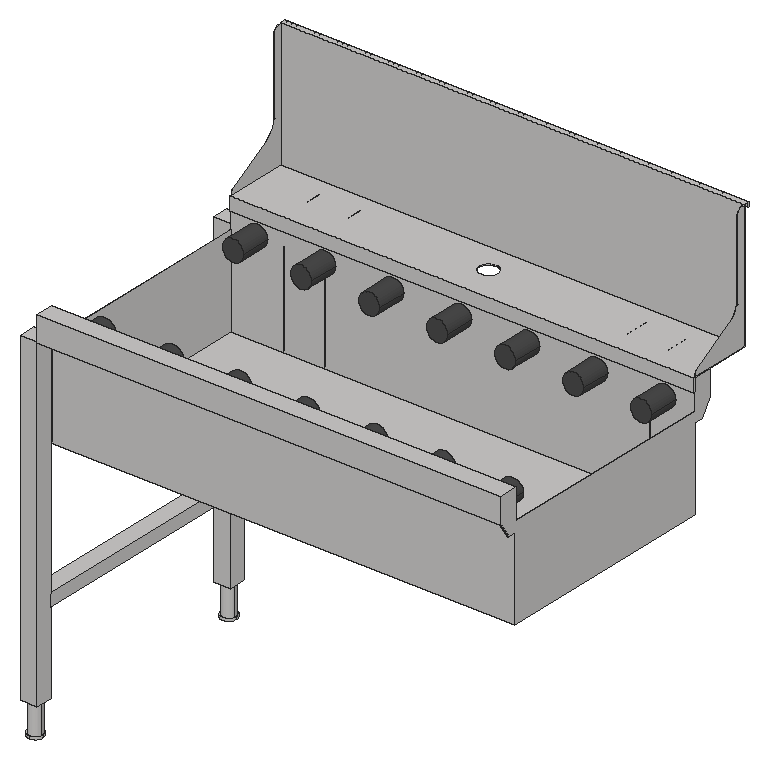
Revit family "QF_ELECTROLUXPROFESSIONAL_865214_HSSRDB11SB", category Specialty Equipment, Revit 2018
Family settings
  Round Connector Dimension = Use Diameter
  Part Type = Normal
  Work Plane-Based = No
  Always vertical = Yes
  Cut with Voids When Loaded = No
  Shared = No
  Room Calculation Point = No
Parameters
  Weight = 0.00 kg
  Watts = 0 W
  Volts = 0 V
  URL Manufacturer = "http://professional.electrolux.com/"
  URL = "http://professional.electrolux.com/"
  Steam Supply Size = 0 mm
  Steam Supply Minimum Pressure = 0.0 Pa
  Steam Supply Maximum Pressure = 0.0 Pa
  Steam Pounds per Hour = 0
  Refrigeration Suction Line Size = 0 mm
  Refrigeration Liquid Line Size = 0 mm
  Refrigerant Compressor Remote = yes
  Manufacturer = "Electrolux"
  Phase = 0
  Model = "HSSRDB11SB"
  Length Actual = 1100 mm  # constant formula
  Item Number = "865214"
  Hot Water Size = 0 mm
  Height Actual = 1213 mm  # constant formula
  HP = "0 HP"
  Gas Size = 0 mm
  Gas KW = 0
  Gas Input Pressure = 0 W
  Description = "SHORT ROLLER CONVEYOR WITH DEEP BASIN + SPLASHB., L=1100MM"
  Depth Actual = 735 mm  # constant formula
  Cycle = 0 Hz
  Condensate Return Size = 0 mm
  Compressed Air Volume = 0.0 L/s
  Compressed Air Size = 0 mm
  Compressed Air Pressure = 0.0 Pa
  Cold Water Size = 0 mm
  Accessory = yes
Reference planes
  plane 1 "Centro (Fronte/Retro)": y = 74.737
  plane 2: z = 0
  plane 3 "LEFT": x = -1038.761
  plane 4 "BACK": y = 499.737
  plane 5 "FRONT": y = -235.263
  plane 6: z = 910
  plane 7 "RIGHT": x = 61.239
Forms (mm)
  Extrusion 1, solid, material "QF_Finishes_Stainless Steel"
    sketch origin (0, 74.737, 0) x (1, 0, 0) y (0, 0, 1)
      loop
        line (-1079.929, 300) -> (-1079.929, 270) -> (-1039.929, 270) -> (-1039.929, 300) -> (-1079.929, 300)
    from -266.504 to 266.46
  Extrusion 2, solid, material "QF_Finishes_Stainless Steel"
    sketch origin (11.239, 0, 0) x (0, 1, 0) y (0, 0, 1)
      loop
        line (-235.263, 910) -> (-235.263, 850.033) -> (-190.242, 850.033) -> (-190.242, 910) -> (-235.263, 910)
      loop
        line (384.737, 910) -> (339.716, 910) -> (339.716, 850.033) -> (384.737, 850.033) -> (384.737, 910)
    from -1048.8 to 48.8
  Extrusion 3, solid, material "QF_Finishes_Stainless Steel"
    sketch origin (11.239, 0, 0) x (0, 1, 0) y (0, 0, 1)
      loop
        line (-191.727, 850.033) -> (-191.727, 618.033) -> (341.245, 618.033) -> (341.245, 850.033) -> (339.716, 850.033) -> (339.716, 621.033) -> (-190.242, 621.033) -> (-190.242, 850.033) -> (-191.727, 850.033)
    from -1048.8 to 50
  Extrusion 4, solid, material "QF_Finishes_Stainless Steel"
    sketch origin (1061.239, 723.253, 4000) x (0, 1, 0) y (0, 0, 1)
      loop
        line (-958.516, -3090) -> (-958.516, -3149.967) -> (-934.752, -3185.632) -> (-914.981, -3185.632) -> (-914.981, -3381.967) -> (-382.009, -3381.967) -> (-382.009, -3185.632) -> (-362.281, -3185.632) -> (-338.516, -3149.967) -> (-338.516, -3090) -> (-383.538, -3090) -> (-383.538, -3161.926) -> (-913.495, -3161.926) -> (-913.495, -3090) -> (-958.516, -3090)
    from -1000 to -1001.2
  Revolve 5, solid, material "QF_Finishes_Stainless Steel"
    sketch origin (-488.761, 0, 0) x (0, 1, 0) y (0, 0, 1)
      loop
        line (74.737, 618.033) -> (-1.756, 618.033) -> (-1.756, 601.823) -> (0.354, 601.823)
        arc (0.354, 601.823) -> (3.64, 597.973) -> (0.351, 594.125) r 3.897
        line (0.351, 594.125) -> (-1.756, 594.125) -> (-1.756, 551.31)
        arc (-1.756, 551.31) -> (8.91, 520.632) -> (36.296, 503.17) r 49.497
        line (36.296, 503.17) -> (36.296, 500.684) -> (37.487, 497.398) -> (51.25, 491.407) -> (51.25, 455.535) -> (52.727, 454.059) -> (74.737, 454.059) -> (74.737, 618.033)
      axis (74.737, 454.059) -> (74.737, 618.033)
    angle from 0 to 360
  Extrusion 6, solid, material "QF_Finishes_Stainless Steel"
    sketch origin (-537.561, 723.253, 4000) x (0, 1, 0) y (0, 0, 1)
      loop
        line (-958.516, -3090) -> (-958.516, -3149.967) -> (-914.981, -3149.967) -> (-914.981, -3381.967) -> (-382.009, -3381.967) -> (-382.009, -3149.967) -> (-338.516, -3149.967) -> (-338.516, -3090) -> (-383.538, -3090) -> (-383.538, -3161.926) -> (-913.495, -3161.926) -> (-913.495, -3090) -> (-958.516, -3090)
    from -500 to -501.2
  Extrusion 7, solid, material "QF_Finishes_Black"
    sketch origin (0, 74.737, 0) x (1, 0, 0) y (0, 0, -1)
      loop
        circle (-972.513, -850.115) r 25
      loop
        circle (-811.227, -850.115) r 25
      loop
        circle (-649.994, -850.115) r 25
      loop
        circle (-488.761, -850.115) r 25
      loop
        circle (-327.475, -850.115) r 25
      loop
        circle (-166.242, -850.115) r 25
      loop
        circle (-5.035, -850.115) r 25
    from 190.58 to 260.534
  Extrusion 8, solid, material "QF_Finishes_Black"
    sketch origin (0, 74.737, 0) x (1, 0, 0) y (0, 0, 1)
      loop
        circle (-972.513, 850.115) r 25
      loop
        circle (-811.227, 850.115) r 25
      loop
        circle (-649.994, 850.115) r 25
      loop
        circle (-488.761, 850.115) r 25
      loop
        circle (-327.475, 850.115) r 25
      loop
        circle (-166.242, 850.115) r 25
      loop
        circle (-5.035, 850.115) r 25
    from 190.58 to 260.534
  Extrusion 9, solid, material "QF_Finishes_Stainless Steel"
    sketch origin (-239.961, 342.237, 0) x (0, 1, 0) y (0, 0, -1)
      loop
        line (-2.521, -910) -> (-2.521, -879.543) -> (-4.021, -879.543) -> (-4.021, -911.5) -> (145.999, -911.5) -> (145.999, -1213) -> (157.5, -1213) -> (157.5, -1202.537) -> (156, -1202.537) -> (156, -1211.5) -> (147.499, -1211.5) -> (147.499, -910) -> (-2.521, -910)
    from -301.2 to 798.8
  Extrusion 10, solid, material "QF_Finishes_Stainless Steel"
    sketch origin (-915.761, 342.237, 0) x (0, 1, 0) y (0, 0, 1)
      loop
        line (-0.992, 624.033) -> (13.767, 624.033)
        arc (13.767, 624.033) -> (17.303, 625.498) -> (18.768, 629.034) r 5.001
        line (18.768, 629.034) -> (18.768, 745.739) -> (102.636, 891.045) -> (102.636, 910) -> (42.5, 910) -> (42.5, 850.033) -> (-0.992, 850.033) -> (-0.992, 624.033)
    from 0 to 3
  Extrusion 11, solid, material "QF_Finishes_Stainless Steel"
    sketch origin (-818.761, 342.237, 0) x (0, 1, 0) y (0, 0, 1)
      loop
        line (-0.992, 624.033) -> (13.767, 624.033)
        arc (13.767, 624.033) -> (17.303, 625.498) -> (18.768, 629.034) r 5.001
        line (18.768, 629.034) -> (18.768, 745.739) -> (102.636, 891.045) -> (102.636, 910) -> (42.5, 910) -> (42.5, 850.033) -> (-0.992, 850.033) -> (-0.992, 624.033)
    from 0 to 3
  Extrusion 12, solid, material "QF_Finishes_Stainless Steel"
    sketch origin (-205.939, 342.237, 13) x (-1, 0, 0) y (0, 0, 1)
      loop
        line (706.822, 837.033) -> (612.822, 837.033) -> (612.822, 611.033) -> (706.822, 611.033) -> (706.822, 837.033)
    from -0.992 to 1.008
  Extrusion 13, solid, material "QF_Finishes_Stainless Steel"
    sketch origin (60.039, 342.237, 0) x (0, 1, 0) y (0, 0, -1)
      loop
        line (1.051, -911.5) -> (1.051, -914.619)
        arc (1.051, -914.619) -> (2.37, -919.604) -> (6.004, -923.263) r 9.963
        line (6.004, -923.263) -> (100.988, -978.112)
        arc (100.988, -978.112) -> (119.305, -996.412) -> (126.02, -1021.418) r 50.023
        line (126.02, -1021.418) -> (126.02, -1196.012)
        arc (126.02, -1196.012) -> (130.414, -1206.62) -> (141.022, -1211.014) r 15.003
        line (141.022, -1211.014) -> (145.999, -1211.014) -> (145.999, -911.5) -> (1.051, -911.5)
    from -1.2 to 0
  Extrusion 14, solid, material "QF_Finishes_Stainless Steel"
    sketch origin (-1033.961, 342.237, 0) x (0, 1, 0) y (0, 0, -1)
      loop
        line (141.022, -1211.014) -> (145.999, -1211.014) -> (145.999, -911.5) -> (1.051, -911.5) -> (1.051, -914.619)
        arc (1.051, -914.619) -> (2.37, -919.604) -> (6.004, -923.263) r 9.963
        line (6.004, -923.263) -> (100.988, -978.112)
        arc (100.988, -978.112) -> (119.305, -996.412) -> (126.02, -1021.418) r 50.023
        line (126.02, -1021.418) -> (126.02, -1196.012)
        arc (126.02, -1196.012) -> (130.414, -1206.62) -> (141.022, -1211.014) r 15.003
    from 3.6 to 4.8
  Extrusion 15, void
    sketch origin (150, 0, 0) x (1, 0, 0) y (0, 1, 0)
      loop
        circle (-638.761, 417.226) r 22.503
    from 910 to 911.5
  Extrusion 16, solid, material "QF_Finishes_Stainless Steel"
    sketch origin (-41.761, 342.237, 0) x (0, 1, 0) y (0, 0, -1)
      loop
        line (-0.992, -624.033) -> (-0.992, -850.033) -> (42.5, -850.033) -> (42.5, -910) -> (102.636, -910) -> (102.636, -891.045) -> (18.768, -745.739) -> (18.768, -629.034)
        arc (18.768, -629.034) -> (17.303, -625.498) -> (13.767, -624.033) r 5.001
        line (13.767, -624.033) -> (-0.992, -624.033)
    from 0 to 3
  Extrusion 17, solid, material "QF_Finishes_Stainless Steel"
    sketch origin (-138.761, 342.237, 0) x (0, 1, 0) y (0, 0, -1)
      loop
        line (-0.992, -624.033) -> (-0.992, -850.033) -> (42.5, -850.033) -> (42.5, -910) -> (102.636, -910) -> (102.636, -891.045) -> (18.768, -745.739) -> (18.768, -629.034)
        arc (18.768, -629.034) -> (17.303, -625.498) -> (13.767, -624.033) r 5.001
        line (13.767, -624.033) -> (-0.992, -624.033)
    from 0 to 3
  Extrusion 18, solid, material "QF_Finishes_Stainless Steel"
    sketch origin (-751.583, 342.237, 13) x (1, 0, 0) y (0, 0, -1)
      loop
        line (706.822, -837.033) -> (706.822, -611.033) -> (612.822, -611.033) -> (612.822, -837.033) -> (706.822, -837.033)
    from -0.992 to 1.008
Cuts and joins
  joined: Extrusion 2, Extrusion 3, Extrusion 4, Revolve 5, Extrusion 6
  Extrusion 15 cuts Extrusion 9
Lines and regions (mm)
  Split face 1
    outline origin (559.439, 339.716, 621.033) x (-1, 0, 0) y (0, -1, 0)
      loop
        circle (1048.2, 264.904) r 3.016
  Split face 2
    outline origin (559.439, 339.716, 621.033) x (-1, 0, 0) y (0, -1, 0)
      loop
        circle (1048.2, 264.904) r 52.991
  Split face 3
    outline origin (559.439, 339.716, 621.033) x (-1, 0, 0) y (0, -1, 0)
      loop
        circle (1048.2, 264.904) r 36.015
  Split face 4
    outline origin (559.439, 339.716, 621.033) x (-1, 0, 0) y (0, -1, 0)
      loop
        circle (1048.2, 264.904) r 26.027
  Split face 5
    outline origin (559.439, 339.716, 621.033) x (-1, 0, 0) y (0, -1, 0)
      loop
        circle (1048.2, 264.904) r 9.056
  Masking region 1
    outline origin (0, 0, 0) x (1, 0, 0) y (0, 1, 0)
      loop
        line (-1038.761, 499.737) -> (-1038.761, -235.263) -> (61.239, -235.263) -> (61.239, 499.737) -> (-1038.761, 499.737)
  symbolic lines
    curve 1: line (61.239, 339.716, 0) -> (-1038.761, 339.716, 0)
    curve 2: line (-1038.761, 339.716, 0) -> (-1038.761, -235.263, 0)
    curve 3: line (-1038.761, 499.737, 0) -> (61.239, 499.737, 0)
    curve 4: line (-1038.761, -235.263, 0) -> (61.239, -235.263, 0)
    curve 5: line (61.239, -235.263, 0) -> (61.239, 339.716, 0)
    curve 6: line (61.239, -190.242, 0) -> (-1038.761, -190.242, 0)
    curve 7: line (-947.513, 335.271, 0) -> (-997.513, 335.271, 0)
    curve 8: line (-997.513, 335.271, 0) -> (-997.513, 265.317, 0)
    curve 9: line (-997.513, 265.317, 0) -> (-947.513, 265.317, 0)
    curve 10: line (-947.513, 265.317, 0) -> (-947.513, 335.271, 0)
    curve 11: line (-786.227, 335.271, 0) -> (-836.227, 335.271, 0)
    curve 12: line (-836.227, 335.271, 0) -> (-836.227, 265.317, 0)
    curve 13: line (-836.227, 265.317, 0) -> (-786.227, 265.317, 0)
    curve 14: line (-786.227, 265.317, 0) -> (-786.227, 335.271, 0)
    curve 15: line (-624.994, 335.271, 0) -> (-674.994, 335.271, 0)
    curve 16: line (-674.994, 335.271, 0) -> (-674.994, 265.317, 0)
    curve 17: line (-674.994, 265.317, 0) -> (-624.994, 265.317, 0)
    curve 18: line (-624.994, 265.317, 0) -> (-624.994, 335.271, 0)
    curve 19: line (-463.761, 335.271, 0) -> (-513.761, 335.271, 0)
    curve 20: line (-513.761, 335.271, 0) -> (-513.761, 265.317, 0)
    curve 21: line (-513.761, 265.317, 0) -> (-463.761, 265.317, 0)
    curve 22: line (-463.761, 265.317, 0) -> (-463.761, 335.271, 0)
    curve 23: line (-302.475, 335.271, 0) -> (-352.475, 335.271, 0)
    curve 24: line (-352.475, 335.271, 0) -> (-352.475, 265.317, 0)
    curve 25: line (-352.475, 265.317, 0) -> (-302.475, 265.317, 0)
    curve 26: line (-302.475, 265.317, 0) -> (-302.475, 335.271, 0)
    curve 27: line (-191.242, 335.271, 0) -> (-141.242, 335.271, 0)
    curve 28: line (-141.242, 335.271, 0) -> (-141.242, 265.317, 0)
    curve 29: line (-141.242, 265.317, 0) -> (-191.242, 265.317, 0)
    curve 30: line (-191.242, 265.317, 0) -> (-191.242, 335.271, 0)
    curve 31: line (19.965, 335.271, 0) -> (-30.035, 335.271, 0)
    curve 32: line (-30.035, 335.271, 0) -> (-30.035, 265.317, 0)
    curve 33: line (-30.035, 265.317, 0) -> (19.965, 265.317, 0)
    curve 34: line (19.965, 265.317, 0) -> (19.965, 335.271, 0)
    curve 35: line (-947.513, -185.797, 0) -> (-997.513, -185.797, 0)
    curve 36: line (-997.513, -185.797, 0) -> (-997.513, -115.842, 0)
    curve 37: line (-997.513, -115.842, 0) -> (-947.513, -115.842, 0)
    curve 38: line (-947.513, -115.842, 0) -> (-947.513, -185.797, 0)
    curve 39: line (-786.227, -185.797, 0) -> (-836.227, -185.797, 0)
    curve 40: line (-836.227, -185.797, 0) -> (-836.227, -115.842, 0)
    curve 41: line (-836.227, -115.842, 0) -> (-786.227, -115.842, 0)
    curve 42: line (-786.227, -115.842, 0) -> (-786.227, -185.797, 0)
    curve 43: line (-624.994, -185.797, 0) -> (-674.994, -185.797, 0)
    curve 44: line (-674.994, -185.797, 0) -> (-674.994, -115.842, 0)
    curve 45: line (-674.994, -115.842, 0) -> (-624.994, -115.842, 0)
    curve 46: line (-624.994, -115.842, 0) -> (-624.994, -185.797, 0)
    curve 47: line (-463.761, -185.797, 0) -> (-513.761, -185.797, 0)
    curve 48: line (-513.761, -185.797, 0) -> (-513.761, -115.842, 0)
    curve 49: line (-513.761, -115.842, 0) -> (-463.761, -115.842, 0)
    curve 50: line (-463.761, -115.842, 0) -> (-463.761, -185.797, 0)
    curve 51: line (-302.475, -185.797, 0) -> (-352.475, -185.797, 0)
    curve 52: line (-352.475, -185.797, 0) -> (-352.475, -115.842, 0)
    curve 53: line (-352.475, -115.842, 0) -> (-302.475, -115.842, 0)
    curve 54: line (-302.475, -115.842, 0) -> (-302.475, -185.797, 0)
    curve 55: line (-191.242, -185.797, 0) -> (-141.242, -185.797, 0)
    curve 56: line (-141.242, -185.797, 0) -> (-141.242, -115.842, 0)
    curve 57: line (-141.242, -115.842, 0) -> (-191.242, -115.842, 0)
    curve 58: line (-191.242, -115.842, 0) -> (-191.242, -185.797, 0)
    curve 59: line (19.965, -185.797, 0) -> (-30.035, -185.797, 0)
    curve 60: line (-30.035, -185.797, 0) -> (-30.035, -115.842, 0)
    curve 61: line (-30.035, -115.842, 0) -> (19.965, -115.842, 0)
    curve 62: line (19.965, -115.842, 0) -> (19.965, -185.797, 0)
    curve 63: line (-1038.761, 343.288, 0) -> (-1037.561, 343.288, 0)
    curve 64: line (-1037.561, 343.288, 0) -> (-1037.561, 488.236, 0)
    curve 65: line (-1038.761, 488.236, 0) -> (61.239, 488.236, 0)
    curve 66: line (60.039, 488.236, 0) -> (60.039, 343.288, 0)
    curve 67: line (60.039, 343.288, 0) -> (61.239, 343.288, 0)
    curve 68: arc (-511.264, 417.226, 0) -> (-488.761, 439.729, 0) -> (-466.258, 417.226, 0) r 22.503
    curve 69: arc (-466.258, 417.226, 0) -> (-488.761, 394.723, 0) -> (-511.264, 417.226, 0) r 22.503
    curve 70: line (61.239, 74.737, 0) -> (31.239, 74.737, 0)
    curve 71: arc (-488.761, 151.231, 0) -> (-412.267, 74.737, 0) -> (-488.761, -1.756, 0) r 76.494
    curve 72: arc (-488.761, -1.756, 0) -> (-565.254, 74.737, 0) -> (-488.761, 151.231, 0) r 76.494
    curve 73: arc (-488.761, 96.747, 0) -> (-510.771, 74.737, 0) -> (-488.761, 52.727, 0) r 22.01
    curve 74: arc (-488.761, 52.727, 0) -> (-466.751, 74.737, 0) -> (-488.761, 96.747, 0) r 22.01
Dimensions and locks
  plane 3 "LEFT" to plane 7 "RIGHT" = 1100 mm
  plane 4 "BACK" to plane 1 "Centro (Fronte/Retro)" to plane 5 "FRONT" = 425 mm, 310 mm
  plane 4 "BACK" to plane 5 "FRONT" = 735 mm
  aligned and locked: level to plane 2
Nested families
  nested 1: "Foot_40x40" at (-1059.929, 361.245, 0), type "Foot_40x40"
    with A 850.033 mm
  nested 2: "Foot_40x40" at (-1059.929, -211.771, 0), type "Foot_40x40"
    with A 850.033 mm
Connectors
  piping at (-488.761, 74.737, 454.059), diameter 30
    settings: on cut or joined group of Extrusion 2, Extrusion 3, Extrusion 4, Revolve 5, Extrusion 6, index 1, connector inside diameter 609.6 mm, connector length 0 mm, flow factor 0, pipe flow 0.0 L/s, pressure drop 0.0 Pa, fitting loss kfactor 0, connector angle 0.00°, fixture units 0, engagement length 0 mm, angle of deflection 0.00°, flow configuration 1, flow direction 2, fitting loss method 0, system type 16, joint type 0, gender type 0, connector reference index -1, connector utility 0, adjustable connector no, is connector primary yes, connector description "Drain"
Definition of nested family "Foot_40x40"
  Parameters
    A [instance] = 850 mm
  Reference planes
    plane 1 "Centro (Fronte/Retro)": y = 0
    plane 2: z = 0
    plane 3 "Centro (Sinistra/Destra)": x = 0
    plane 4: z = 850
  Forms (mm)
    Extrusion 1, solid
      sketch origin (0, 0, 0) x (1, 0, 0) y (0, 1, 0)
        loop
          circle (0, 0) r 18
      from 0 to 5
    Extrusion 2, solid
      sketch origin (0, 0, 5) x (1, 0, 0) y (0, 1, 0)
        loop
          circle (0, 0) r 15
      from 0 to 70
    Extrusion 3, solid
      sketch origin (0, 0, 75) x (1, 0, 0) y (0, 1, 0)
        loop
          line (-20, 20) -> (-20, -20) -> (20, -20) -> (20, 20) -> (-20, 20)
      from 0 to 775
  Dimensions and locks
    "A": plane 4 to plane 2
    aligned and locked: level to plane 2
    aligned and locked: plane 4 to Extrusion 3
    aligned and locked: Extrusion 1 to level
  Automatic sketch dimensions
    plane 1 "Centro (Fronte/Retro)" to Extrusion 1 sketch curve = 0 mm
    Extrusion 1 sketch curve to plane 3 "Centro (Sinistra/Destra)" = 0 mm
    Extrusion 3 sketch curve to Extrusion 3 sketch curve = 40 mm  (x2)
    radius of Extrusion 1 sketch curve = 18 mm
    radius of Extrusion 2 sketch curve to Extrusion 1 = 3 mm
